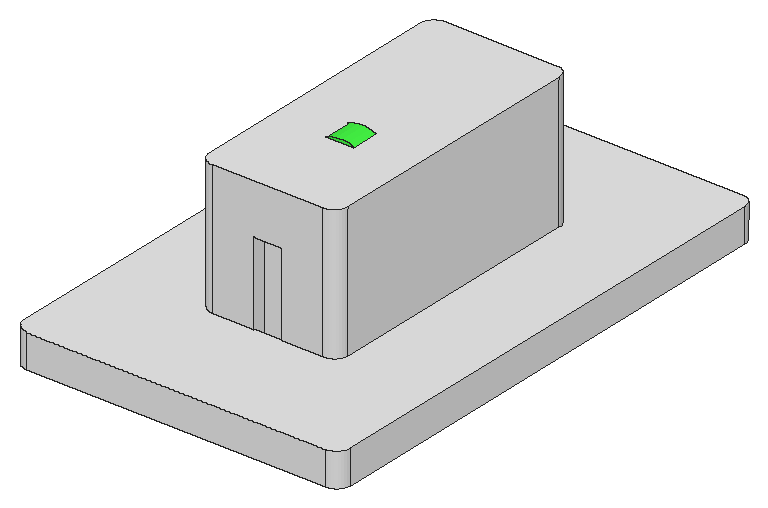
Revit family "Sensor-Lutron-Partition-GRX", category Lighting Devices, host Face, Revit 2017
Family settings
  Host = Face
  Maintain Annotation Orientation = No
  Round Connector Dimension = Use Diameter
  Part Type = Normal
  OmniClass Number = 23.85.80.11.27
  OmniClass Title = Lighting Controls
  Cut with Voids When Loaded = No
  Shared = No
  Room Calculation Point = No
Parameters (values of type "GRX-IRPS-WH TX")
  Warranty URL = "http://www.lutron.com/en-US/Service-Support/Pages/Service/Warranty/Warranty.aspx"
  Video Link = "https://www.youtube.com/user/LutronElectronicsInc"
  Version = "2017 - v1.0b"  # constant formula
  URL = "http://www.lutron.com"
  Type Comments = ""
  Support Phone = "(224) 699-9545"  # constant formula
  Support Email = "mailto: support@anguleris.com"
  Series = "GRAFIK Eye"
  Product Page URL = "http://www.lutron.com/en-US/Products/Pages/SingleRoomControls/GrafikEyeQS/Overview.aspx"
  Product Name = "Transmitter Partition Sensor"
  Product Documentation Link = "http://www.lutron.com/TechnicalDocumentLibrary/irps.pdf"
  Performance URL = "http://www.lutron.com/en-US/Service-Support/Pages/Technical/PerfomanceSpecs.aspx"
  Overall Width = 0' - 2 241/256"
  Overall Height = 0' - 4 177/256"
  Overall Depth = 0' - 1 1/2"
  Model = "GRX-IRPS-WH"
  Material = Plastic - Lutron - White
  Manufacturer Phone Number = "610-282-3800"  # constant formula
  Manufacturer Fax Number = "610-282-1243"  # constant formula
  Manufacturer Email = "mailto:support@lutron.com"
  Manufacturer Address = "7200 Suter Rd, Coopersburg, PA 18036"  # constant formula
  Manufacturer = "Lutron Electronics Co., Inc"  # constant formula
  Label = "PS"
  Keynote = ""
  Instruction Sheet Link = "http://www.lutron.com/TechnicalDocumentLibrary/040364a%20GRX-IRPS.pdf"
  Description = "Transmitter Partition Sensor"
  Default Elevation = 0' - 0"
  Cost Info = "mailto:sales@lutron.com"
  Cost = 0
  Copyright = "© 2019 Lutron Electronics Co., Inc."  # constant formula
  Assembly Code = "D5030800"
Types (2): name | Product Name | Description
  GRX-IRPS-WH TX | "Transmitter Partition Sensor" | "Transmitter Partition Sensor"
  GRX-IRPS-WH RX | "Receiver Partition Sensor" | "Receiver Partition Sensor"
Reference planes (in)
  plane 1 "Center (Front/Back)": y = 0
  plane 2: z = 0
  plane 3 "Center (Left/Right)": x = 0
  plane 4: x = -1.4707
  plane 5: x = 1.4707
  plane 6: y = 2.3457
  plane 7: y = -2.3457
  plane 8: z = 1.5
  plane 9: z = 0.30078
Forms (in)
  Sweep 1, solid, material "Plastic - Lutron - White" <- "Material"
    path origin (0, 0, 0) x (0, 1, 0) y (0, 0, 1)
      loop
        line (0, 0.30078) -> (0, 0)
    profile origin (0, 0, 0.15039) x (1, 0, 0) y (0, 1, 0)
      loop
        arc (-1.3457, 2.3457) -> (-1.43409, 2.30909) -> (-1.4707, 2.2207) r 0.125
        line (-1.4707, 2.2207) -> (-1.4707, -2.2207)
        arc (-1.4707, -2.2207) -> (-1.43409, -2.30909) -> (-1.3457, -2.3457) r 0.125
        line (-1.3457, -2.3457) -> (1.3457, -2.3457)
        arc (1.3457, -2.3457) -> (1.43409, -2.30909) -> (1.4707, -2.2207) r 0.125
        line (1.4707, -2.2207) -> (1.4707, 2.2207)
        arc (1.4707, 2.2207) -> (1.43409, 2.30909) -> (1.3457, 2.3457) r 0.125
        line (1.3457, 2.3457) -> (-1.3457, 2.3457)
      loop
        arc (-0.5, 1.3125) -> (-0.58839, 1.27589) -> (-0.625, 1.1875) r 0.125
        line (-0.625, 1.1875) -> (-0.625, -1.1875)
        arc (-0.625, -1.1875) -> (-0.58839, -1.27589) -> (-0.5, -1.3125) r 0.125
        line (-0.5, -1.3125) -> (0.5, -1.3125)
        arc (0.5, -1.3125) -> (0.58839, -1.27589) -> (0.625, -1.1875) r 0.125
        line (0.625, -1.1875) -> (0.625, 1.1875)
        arc (0.625, 1.1875) -> (0.58839, 1.27589) -> (0.5, 1.3125) r 0.125
        line (0.5, 1.3125) -> (-0.5, 1.3125)
  Sweep 2, solid, material "Plastic - Lutron - White" <- "Material"
    path origin (0, 0, 0) x (0, 1, 0) y (0, 0, 1)
      loop
        line (0, 1.5) -> (0, 0)
    profile origin (0, 0, 0.75) x (1, 0, 0) y (0, 1, 0)
      loop
        line (-0.625, 1.1875) -> (-0.625, -1.1875)
        arc (-0.625, -1.1875) -> (-0.58839, -1.27589) -> (-0.5, -1.3125) r 0.125
        line (-0.5, -1.3125) -> (0.5, -1.3125)
        arc (0.5, -1.3125) -> (0.58839, -1.27589) -> (0.625, -1.1875) r 0.125
        line (0.625, -1.1875) -> (0.625, 1.1875)
        arc (0.625, 1.1875) -> (0.58839, 1.27589) -> (0.5, 1.3125) r 0.125
        line (0.5, 1.3125) -> (-0.5, 1.3125)
        arc (-0.5, 1.3125) -> (-0.58839, 1.27589) -> (-0.625, 1.1875) r 0.125
  Extrusion 3, void
    sketch origin (0, 0, 0) x (1, 0, 0) y (0, 0, 1)
      loop
        line (-0.125, 0.17578) -> (0.125, 0.17578) -> (0.125, 1.05078) -> (-0.125, 1.05078) -> (-0.125, 0.17578)
    from 1.20096 to 1.3125
  Sweep 4, solid, material "Plastic - Lutron - Clear", detail levels fine
    path origin (0, 0, 0) x (1, 0, 0) y (0, 1, 0)
      loop
        line (0, -0.5) -> (0, -0.25)
    profile origin (0, -0.375, 0) x (-1, 0, 0) y (0, 0, 1)
      loop
        arc (0.125, 1.5) -> (0, 1.53072) -> (-0.125, 1.5) r 0.26971
        line (-0.125, 1.5) -> (0.125, 1.5)
Cuts and joins
  Extrusion 3 cuts Sweep 2
Lines and regions (in)
  symbolic lines, detail levels fine
    curve 1: line (-1.4707, 2.3457, 0) -> (1.4707, 2.3457, 0)
    curve 2: line (-1.4707, -2.3457, 0) -> (-1.4707, 2.3457, 0)
    curve 3: line (1.4707, -2.3457, 0) -> (-1.4707, -2.3457, 0)
    curve 4: line (1.4707, 2.3457, 0) -> (1.4707, -2.3457, 0)
Dimensions and locks (in)
  equal spacing: plane 4, plane 3 "Center (Left/Right)", plane 5
  "Overall Width": plane 4 to plane 5
  equal spacing: plane 6, plane 1 "Center (Front/Back)", plane 7
  "Overall Height": plane 6 to plane 7
  locked: plane 9 to plane 2 at 0.30078
  locked: Sweep 1 sketch curve to Sweep 1 sketch curve at 2.625
  equal spacing: Sweep 1 sketch curve, plane 1 "Center (Front/Back)", Sweep 1 sketch curve
  locked: Sweep 1 sketch curve to Sweep 1 sketch curve at 1.25
  equal spacing: Sweep 1 sketch curve, plane 3 "Center (Left/Right)", Sweep 1 sketch curve
  locked: Extrusion 3 sketch curve to plane 9 at 0.75
  locked: Extrusion 3 sketch curve to Extrusion 3 sketch curve at 0.25
  equal spacing: Extrusion 3 sketch curve, plane 3 "Center (Left/Right)", Extrusion 3 sketch curve
  locked: Extrusion 3 to Sweep 2 at 0.11154
  locked: Sweep 4 sketch curve to Sweep 4 sketch curve at 0.25  (x2)
  equal spacing: Sweep 4 sketch curve, Sweep 4 sketch curve, plane 1 "Center (Front/Back)"
  equal spacing: Sweep 4 sketch curve, plane 3 "Center (Left/Right)", Sweep 4 sketch curve
  locked: plane 9 to Extrusion 3 sketch curve at 0.125
  "Overall Depth": plane 8 to plane 2
  aligned and locked: plane 2 to host face
  aligned and locked: level to host face
  aligned and locked: plane 9 to Sweep 1 sketch curve
  aligned and locked: plane 2 to Sweep 1 sketch curve
  aligned and locked: plane 1 "Center (Front/Back)" to Sweep 1 sketch curve
  aligned and locked: Sweep 1 sketch curve to plane 4
  aligned and locked: Sweep 1 sketch curve to plane 7
  aligned and locked: Sweep 1 sketch curve to plane 5
  aligned and locked: Sweep 1 sketch curve to plane 6
  aligned and locked: plane 8 to Sweep 2 sketch curve
  aligned and locked: plane 2 to Sweep 2 sketch curve
  aligned and locked: plane 1 "Center (Front/Back)" to Sweep 2 sketch curve
  aligned and locked: Sweep 2 sketch curve to Sweep 1  (x4)
  aligned and locked: Sweep 2 to Extrusion 3
  aligned and locked: plane 3 "Center (Left/Right)" to Sweep 4 sketch curve
  aligned and locked: Sweep 4 sketch curve to plane 8
  aligned and locked: plane 3 "Center (Left/Right)" to nested 1
  aligned and locked: plane 1 "Center (Front/Back)" to nested 1
  aligned and locked: curve 2 to plane 4
  aligned and locked: curve 4 to plane 5
  aligned and locked: curve 1 to plane 6
  aligned and locked: curve 4 to curve 2
  aligned and locked: curve 1 to curve 3
  aligned and locked: plane 7 to curve 4
  aligned and locked: plane 5 to curve 3
Automatic sketch dimensions
  host sketch curve to host sketch curve = 8' - 0"  (x2)
  Sweep 1 sketch curve to Sweep 1 sketch curve = 0' - 0 1/8"  (x8)
  Sweep 4 sketch curve to Sweep 4 sketch curve = 0' - 0.23899"
Nested families (in)
  nested 1: "Ceiling Sensor" at (0, 0, 0), type "Ceiling Sensor", detail levels coarse+medium
Connectors (in)
  electrical at (0, 0, 0)
    settings: on Sweep 1, index 1, voltage 0 V, apparent load 0 VA, apparent load phase1 0 VA, apparent load phase2 0 VA, apparent load phase3 0 VA, power factor 1, load classification "Other", number of poles 1, system type 13, power factor state 1, is connector primary yes, connector utility no, sub classification motor no, connector description "Lighting Control"
Definition of nested family "Ceiling Sensor"
  Parameters
    Label = "OS"
  Reference planes (in)
    plane 1: y = 0
    plane 2: x = 0
  Lines and regions (in)
    detail lines
      curve 1: line (-0.10156, 0.09082, 0) -> (-0.10156, -0.09082, 0)
      curve 2: line (-0.10156, -0.09082, 0) -> (0.09961, -0.09082, 0)
      curve 3: line (0.09961, -0.09082, 0) -> (0.09961, 0.09082, 0)
      curve 4: line (0.09961, 0.09082, 0) -> (-0.10156, 0.09082, 0)
  Text (in)
    label "PS" at (-0.00197, -0.0023, 0), shows "Label"
  Dimensions and locks (in)
    curve 1 to plane 2 to curve 3 = 0' - 0 13/128" locked, 0' - 0.09961" locked
    curve 4 to plane 1 to curve 2 = 0' - 0.09082" locked, 0' - 0.09082" locked
